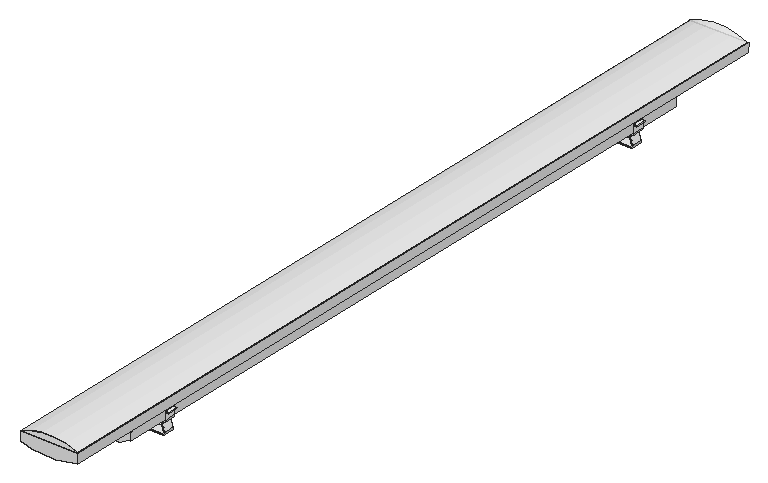
Revit family "Lighting-Industrial-GEWISS-SMART[3]PLUS-WATERTIGHT-LED_OPAL_1600mm", category Apparecchi per illuminazione, host Superficie, Revit 2019
Family settings
  Host = Superficie
  Quota connettore circolare = Usa diametro
  Tipo di parte = Normale
  Numero OmniClass = 23.80.70.11
  Titolo OmniClass = Luminaries for Internal Lighting
  Taglio con vuoti quando caricato = No
  Sorgente d'illuminazione = Sì
  Condiviso = No
  Punto di calcolo locali = No
Parameters (values of type "GWS3323AP957 - SMART3 PLUS 1600 T.W.DALI HE OPAL 9 57")
  Working temperature = "-25 +50 °C"
  Weight (kg): = ""
  Wattage = 27 W
  Warranty = "5 years"
  Voltage = "220-240 V "
  Version file RFA = "20.0"
  Variazione temperatura colore lampada con luminosità attenuata = (empty or 0)
  URL = "https://www.gewiss.com/ww/en"
  Typology = "DALI"
  Type of light source = "LED - Not replaceable"
  built-in parameter 1150107 = 5700 (stored number, unit not read)
  Technical sheet = "https://www.gewiss.com/ww/en/search?q=GWS3323AP957"
  System power = "50 W"
  Struttura = GEWISS - SMART 3 - GRIGIO
  Stampa 1_200 = no
  Stampa 1_100 = not(Stampa 1_200)  # yes
  Spostamento_Y_etichetta [instance] = 0 mm
  Spostamento_Y_effettivo_etichetta [instance] = 1500 mm - Spostamento_Y_etichetta  # 1500 mm
  Spostamento_X_etichetta [instance] = 0 mm
  Spostamento_X_effettivo_etichetta [instance] = 1500 mm - Spostamento_X_etichetta  # 1500 mm
  Shock resistance = "IK08"
  Shield type = "Opal"
  Schermo. = Gewiss - Led Acceso
  SEO = "Ceiling"
  Realized by GEWISS S.p.A. = ""
  Default Elevation = 1219.2 mm
  Produttore = "GEWISS S.p.A."
  built-in parameter 1150110 = 1 (stored number, unit not read)
  built-in parameter 1150109 = 1 (stored number, unit not read)
  built-in parameter 1114218 = 1 (stored number, unit not read)
  built-in parameter 1150112 = 1 (stored number, unit not read)
  Operating temperature: = "-25 +50 °C"
  Nominal flux (lm) = ""
  No. LED (#) = ""
  Modello = "GWS3323AP957"
  built-in parameter 1150137 = (empty or 0)
  built-in parameter 1150132 = (empty or 0)
  Lunghezza Lampada = 1600 mm  # constant formula
  Lumen output (lm) = "5200"
  Length = "1600 mm"
  Lampada = "LED"
  Lamp = "LED"
  LED LifeTime (L80B20) = ""
  LED Life time (L80B50) = ""
  LED Life time (L70) = ""
  LED Life Time (L90B50) = ""
  built-in parameter 1150105 = 1406.7 (stored number, unit not read)
  built-in parameter 1150102 = (empty or 0)
  Insulation class = "II"
  Immagine tipo = GWS3158P.jpg
  built-in parameter 1150106 = 14.067 (stored number, unit not read)
  IP degree = "IP66/IP69"
  IFC.TypeObject = ""
  IFC.ExportType = ""
  IFC.ExportAs = ""
  IDT = "f3b315df-984e-4987-af5e-9bbae24bcc71"
  IDF = "d43b749e-d51c-4486-a841-a5dba1efd512"
  Glow Wire Test = "850°C"
  Ganci = GEWISS  - ALLUMINIO
  Lumens = 4010.63 lm
  Color Filter = 16777215
  File diagramma fotometrico = "GWS3323AP957.IES"
  built-in parameter 1114217 = 1 (stored number, unit not read)
  built-in parameter 1150139 = (empty or 0)
  Failure rate apparecchio (50.000h, Tq=25Â° C) = ""
  Failure rate apparecchio (35.000h, Tq=35Â° C) = ""
  Emetti da lunghezza linea = 700 mm
  Electrocod = "2434"
  Efficiency class of integrated LEDs = "A ÷ A++"
  built-in parameter 1150104 = 13.8 (stored number, unit not read)
  EAN code = ""
  Driver type = ""
  built-in parameter 1150115 = 1 (stored number, unit not read)
  built-in parameter 1150114 = 1 (stored number, unit not read)
  built-in parameter 1150113 = 1 (stored number, unit not read)
  Device with reduced surface temperature = ""
  Descrizione = "SMART3 PLUS 1600 T.W.DALI HE OPAL 9 57"
  Commenti sul wattaggio = "55W"
  Colour temperature: = "5700 K (CRI > 90)"
  Colour temperature = "5700 K (CRI > 90)"
  built-in parameter 1150134 = (empty or 0)
  built-in parameter 1150138 = (empty or 0)
  Catalogue Range = "SMART[3] PLUS"
  Catalogue = "LIGHTING"
  Carico apparente = 55 VA
  COBie.Tagnumber = ""
  COBie.CreatedOn = ""
  COBie.CreatebBy = ""
  COBie.ComponentRegisterItemID = ""
  COBie.Component.TagNumber = ""
  COBie.Component.Space = ""
  COBie.Component.SerialNumber = ""
  COBie.Component.InstallationDate = ""
  COBie.Component.Description = ""
  COBie.Component.BarCode = ""
  Application = "Indoor"
  Tilt Angle = -90.00°
  built-in parameter 1150133 = 10 (stored number, unit not read)
Types (25, lengths in mm): name | Typology | Technical sheet | System power | Modello | Lumen output (lm) | IDT | File diagramma fotometrico | Emetti da lunghezza linea | Descrizione | Commenti sul wattaggio | Colour temperature: | Colour temperature | Carico apparente
  (no name) | "DALI" | "https://www.gewiss.com/ww/en/search?q=GWS3323AP957" | "50 W" | "GWS3323AP957" | "5200" | "f3b315df-984e-4987-af5e-9bbae24bcc71" | "GWS3323AP957.IES" | 700 | "SMART3 PLUS 1600 T.W.DALI HE OPAL 9 57" | "55W" | "5700 K (CRI > 90)" | "5700 K (CRI > 90)" | 55 VA
  GWS3320AP830 - SMART3 PLUS 1600 ON/OFF HE OPAL 8 30 | "" | "https://www.gewiss.com/ww/en/search?q=GWS3320AP830" | "46 W" | "GWS3320AP830" | "6300" | "515fde6e-ce71-4c7a-91f6-c5be3f9ca9d5" | "GWS3320AP830.IES" | 1200 | "SMART3 PLUS 1600 ON/OFF HE OPAL 8 30" | "26W" | "3000 K (CRI > 80)" | "3000 K (CRI > 80)" | 26 VA
  GWS3320AP840 - SMART3 PLUS 1600 ON/OFF HE OPAL 8 40 | "" | "https://www.gewiss.com/ww/en/search?q=GWS3320AP840" | "46 W" | "GWS3320AP840" | "6600" | "797e91c8-3a4b-4c06-b222-0b282fb851e9" | "GWS3320AP840.IES" | 1200 | "SMART3 PLUS 1600 ON/OFF HE OPAL 8 40" | "26W" | "4000 K (CRI > 80)" | "4000 K (CRI > 80)" | 26 VA
  GWS3320AP857 - SMART3 PLUS 1600 ON/OFF HE OPAL 8 57 | "" | "https://www.gewiss.com/ww/en/search?q=GWS3320AP857" | "46 W" | "GWS3320AP857" | "6600" | "0a0ffe2c-1254-4136-9b95-b2acb0a2e411" | "GWS3320AP857.IES" | 1200 | "SMART3 PLUS 1600 ON/OFF HE OPAL 8 57" | "26W" | "5700 K (CRI > 80)" | "5700 K (CRI > 80)" | 26 VA
  GWS3322AP830 - SMART3 PLUS 1600 T.W.ON/OFF HE OPAL 8 30 | "" | "https://www.gewiss.com/ww/en/search?q=GWS3322AP830" | "46 W" | "GWS3322AP830" | "6300" | "92aadfc1-b61c-49fc-a0ea-d4cdaabb7691" | "GWS3322AP830.IES" | 1200 | "SMART3 PLUS 1600 T.W.ON/OFF HE OPAL 8 30" | "53W" | "3000 K (CRI > 80)" | "3000 K (CRI > 80)" | 53 VA
  GWS3322AP840 - SMART3 PLUS 1600 T.W.ON/OFF HE OPAL 8 40 | "" | "https://www.gewiss.com/ww/en/search?q=GWS3322AP840" | "46 W" | "GWS3322AP840" | "6600" | "7aacec16-f4ae-4223-b666-c52a3b0e40df" | "GWS3322AP840.IES" | 700 | "SMART3 PLUS 1600 T.W.ON/OFF HE OPAL 8 40" | "53W" | "4000 K (CRI > 80)" | "4000 K (CRI > 80)" | 53 VA
  GWS3322AP857 - SMART3 PLUS 1600 T.W.ON/OFF HE OPAL 8 57 | "" | "https://www.gewiss.com/ww/en/search?q=GWS3322AP857" | "46 W" | "GWS3322AP857" | "6600" | "9843d6fd-373c-45e5-b8ac-f8d282aa33ab" | "GWS3322AP857.IES" | 700 | "SMART3 PLUS 1600 T.W.ON/OFF HE OPAL 8 57" | "53W" | "5700 K (CRI > 80)" | "5700 K (CRI > 80)" | 53 VA
  GWS3320AP930 - SMART3 PLUS 1600 ON/OFF HE OPAL 9 30 | "" | "https://www.gewiss.com/ww/en/search?q=GWS3320AP930" | "46 W" | "GWS3320AP930" | "4900" | "a13f2a2f-86fe-4556-8509-1ebfeb2cb915" | "GWS3320AP930.IES" | 1200 | "SMART3 PLUS 1600 ON/OFF HE OPAL 9 30" | "27W" | "3000 K (CRI > 90)" | "3000 K (CRI > 90)" | 27 VA
  GWS3320AP940 - SMART3 PLUS 1600 ON/OFF HE OPAL 9 40 | "" | "https://www.gewiss.com/ww/en/search?q=GWS3320AP940" | "46 W" | "GWS3320AP940" | "5200" | "fc3d66e1-5ae5-4f7d-bdd5-cb36aae6c31e" | "GWS3320AP940.IES" | 1200 | "SMART3 PLUS 1600 ON/OFF HE OPAL 9 40" | "27W" | "4000 K (CRI > 90)" | "4000 K (CRI > 90)" | 27 VA
  GWS3320AP957 - SMART3 PLUS 1600 ON/OFF HE OPAL 9 57 | "" | "https://www.gewiss.com/ww/en/search?q=GWS3320AP957" | "46 W" | "GWS3320AP957" | "5200" | "e411e7a8-d38e-4265-9c8c-6dda89df10b2" | "GWS3320AP957.IES" | 1200 | "SMART3 PLUS 1600 ON/OFF HE OPAL 9 57" | "27W" | "5700 K (CRI > 90)" | "5700 K (CRI > 90)" | 27 VA
  GWS3322AP930 - SMART3 PLUS 1600 T.W.ON/OFF HE OPAL 9 30 | "" | "https://www.gewiss.com/ww/en/search?q=GWS3322AP930" | "46 W" | "GWS3322AP930" | "4900" | "15600029-dedd-4b75-95d2-bc6cfc52e84f" | "GWS3322AP930.IES" | 700 | "SMART3 PLUS 1600 T.W.ON/OFF HE OPAL 9 30" | "55W" | "3000 K (CRI > 90)" | "3000 K (CRI > 90)" | 55 VA
  GWS3322AP940 - SMART3 PLUS 1600 T.W.ON/OFF HE OPAL 9 40 | "" | "https://www.gewiss.com/ww/en/search?q=GWS3322AP940" | "46 W" | "GWS3322AP940" | "5200" | "44b2879f-8794-44e4-9c2a-98b4b0b09008" | "GWS3322AP940.IES" | 700 | "SMART3 PLUS 1600 T.W.ON/OFF HE OPAL 9 40" | "55W" | "4000 K (CRI > 90)" | "4000 K (CRI > 90)" | 55 VA
  GWS3322AP957 - SMART3 PLUS 1600 T.W.ON/OFF HE OPAL 9 57 | "" | "https://www.gewiss.com/ww/en/search?q=GWS3322AP957" | "46 W" | "GWS3322AP957" | "5200" | "353f52fa-4ab1-4785-ab32-4e23da494718" | "GWS3322AP957.IES" | 700 | "SMART3 PLUS 1600 T.W.ON/OFF HE OPAL 9 57" | "55W" | "5700 K (CRI > 90)" | "5700 K (CRI > 90)" | 55 VA
  GWS3321AP830 - SMART3 PLUS 1600 DALI HE OPAL 8 30 | "DALI" | "https://www.gewiss.com/ww/en/search?q=GWS3321AP830" | "50 W" | "GWS3321AP830" | "6300" | "ef6f7481-d774-40a2-a56c-e33a03783f43" | "GWS3321AP830.IES" | 1200 | "SMART3 PLUS 1600 DALI HE OPAL 8 30" | "26W" | "3000 K (CRI > 80)" | "3000 K (CRI > 80)" | 26 VA
  GWS3321AP840 - SMART3 PLUS 1600 DALI HE OPAL 8 40 | "DALI" | "https://www.gewiss.com/ww/en/search?q=GWS3321AP840" | "50 W" | "GWS3321AP840" | "6600" | "9f3a0474-7c34-4774-9075-3f2db5512430" | "GWS3321AP840.IES" | 1200 | "SMART3 PLUS 1600 DALI HE OPAL 8 40" | "26W" | "4000 K (CRI > 80)" | "4000 K (CRI > 80)" | 26 VA
  GWS3321AP857 - SMART3 PLUS 1600 DALI HE OPAL 8 57 | "DALI" | "https://www.gewiss.com/ww/en/search?q=GWS3321AP857" | "50 W" | "GWS3321AP857" | "6600" | "049705d3-c297-44cc-989b-4f6d2b3fb677" | "GWS3321AP857.IES" | 1200 | "SMART3 PLUS 1600 DALI HE OPAL 8 57" | "26W" | "5700 K (CRI > 80)" | "5700 K (CRI > 80)" | 26 VA
  GWS3321AP930 - SMART3 PLUS 1600 DALI HE OPAL 9 30 | "DALI" | "https://www.gewiss.com/ww/en/search?q=GWS3321AP930" | "50 W" | "GWS3321AP930" | "4900" | "b4f69512-f660-4b69-9fcc-3def4f9a0271" | "GWS3321AP930.IES" | 1200 | "SMART3 PLUS 1600 DALI HE OPAL 9 30" | "27W" | "3000 K (CRI > 90)" | "3000 K (CRI > 90)" | 27 VA
  GWS3321AP940 - SMART3 PLUS 1600 DALI HE OPAL 9 40 | "DALI" | "https://www.gewiss.com/ww/en/search?q=GWS3321AP940" | "50 W" | "GWS3321AP940" | "5200" | "4d149631-94ff-4b55-a399-3355b63ff907" | "GWS3321AP940.IES" | 1200 | "SMART3 PLUS 1600 DALI HE OPAL 9 40" | "27W" | "4000 K (CRI > 90)" | "4000 K (CRI > 90)" | 27 VA
  GWS3321AP957 - SMART3 PLUS 1600 DALI HE OPAL 9 57 | "DALI" | "https://www.gewiss.com/ww/en/search?q=GWS3321AP957" | "50 W" | "GWS3321AP957" | "5200" | "95bc40bc-d7b1-4835-bb40-aca982529566" | "GWS3321AP957.IES" | 700 | "SMART3 PLUS 1600 DALI HE OPAL 9 57" | "27W" | "5700 K (CRI > 90)" | "5700 K (CRI > 90)" | 27 VA
  GWS3323AP830 - SMART3 PLUS 1600 T.W.DALI HE OPAL 8 30 | "DALI" | "https://www.gewiss.com/ww/en/search?q=GWS3323AP830" | "50 W" | "GWS3323AP830" | "6300" | "c88e39d8-7d84-4df5-9696-6fd327196441" | "GWS3323AP830.IES" | 700 | "SMART3 PLUS 1600 T.W.DALI HE OPAL 8 30" | "53W" | "3000 K (CRI > 80)" | "3000 K (CRI > 80)" | 53 VA
  GWS3323AP840 - SMART3 PLUS 1600 T.W.DALI HE OPAL 8 40 | "DALI" | "https://www.gewiss.com/ww/en/search?q=GWS3323AP840" | "50 W" | "GWS3323AP840" | "6600" | "6d9ebd1f-e085-4998-931b-503e14e2501b" | "GWS3323AP840.IES" | 700 | "SMART3 PLUS 1600 T.W.DALI HE OPAL 8 40" | "53W" | "4000 K (CRI > 80)" | "4000 K (CRI > 80)" | 53 VA
  GWS3323AP857 - SMART3 PLUS 1600 T.W.DALI HE OPAL 8 57 | "DALI" | "https://www.gewiss.com/ww/en/search?q=GWS3323AP857" | "50 W" | "GWS3323AP857" | "6600" | "2b5a79a2-e691-42d0-aae8-023fd03ea346" | "GWS3323AP857.IES" | 700 | "SMART3 PLUS 1600 T.W.DALI HE OPAL 8 57" | "53W" | "5700 K (CRI > 80)" | "5700 K (CRI > 80)" | 53 VA
  GWS3323AP930 - SMART3 PLUS 1600 T.W.DALI HE OPAL 9 30 | "DALI" | "https://www.gewiss.com/ww/en/search?q=GWS3323AP930" | "50 W" | "GWS3323AP930" | "4900" | "cba77e63-a48a-4cd6-ac5a-4de7abffce10" | "GWS3323AP930.IES" | 700 | "SMART3 PLUS 1600 T.W.DALI HE OPAL 9 30" | "55W" | "3000 K (CRI > 90)" | "3000 K (CRI > 90)" | 55 VA
  GWS3323AP940 - SMART3 PLUS 1600 T.W.DALI HE OPAL 9 40 | "DALI" | "https://www.gewiss.com/ww/en/search?q=GWS3323AP940" | "50 W" | "GWS3323AP940" | "5200" | "53ccc7fe-7c5b-4623-a89f-0c189ed12751" | "GWS3323AP940.IES" | 700 | "SMART3 PLUS 1600 T.W.DALI HE OPAL 9 40" | "55W" | "4000 K (CRI > 90)" | "4000 K (CRI > 90)" | 55 VA
  GWS3323AP957 - SMART3 PLUS 1600 T.W.DALI HE OPAL 9 57 | "DALI" | "https://www.gewiss.com/ww/en/search?q=GWS3323AP957" | "50 W" | "GWS3323AP957" | "5200" | "f3b315df-984e-4987-af5e-9bbae24bcc71" | "GWS3323AP957.IES" | 700 | "SMART3 PLUS 1600 T.W.DALI HE OPAL 9 57" | "55W" | "5700 K (CRI > 90)" | "5700 K (CRI > 90)" | 55 VA
Values of the unnamed type that differ from the named types
  Variazione temperatura colore lampada con luminosità attenuata = <Nessuno>
Reference planes
  plane 1 "Centro (Fronte/Retro)": y = 0
  plane 2: z = 0
  plane 3 "Centro (Sinistra/Destra)": x = 0
  plane 4: x = -1500
  plane 5: y = -1500
  plane 6: x = 0
  plane 7: y = 0
Forms (mm)
  Extrusion 1, solid, material "GEWISS  - ALLUMINIO" <- "Ganci", detail levels medium+fine
    sketch origin (0, 0, 0) x (1, 0, 0) y (0, 0, 1)
      loop
        arc (31.431, -0.002) -> (34.576, 1.589) -> (35.156, 5.066) r 3.903
        line (35.156, 5.066) -> (29.612, 23.211)
        arc (29.612, 23.211) -> (29.883, 24.381) -> (31.032, 24.73) r 1.2
        line (31.032, 24.73) -> (34.307, 23.974)
        arc (34.307, 23.974) -> (36.765, 24.53) -> (37.859, 26.8) r 2.9
        line (37.859, 26.8) -> (37.859, 38.8)
        arc (37.859, 38.8) -> (37.648, 39.694) -> (37.059, 40.4) r 2
        line (37.059, 40.4) -> (37.059, 42.71) -> (42.861, 40.598) -> (43.203, 41.538) -> (37.53, 43.603)
        arc (37.53, 43.603) -> (37.019, 43.613) -> (36.605, 43.311) r 0.8
        line (36.605, 43.311) -> (36.306, 26.139)
        arc (36.306, 26.139) -> (35.6, 25.444) -> (34.616, 25.34) r 1.5
        line (34.616, 25.34) -> (31.344, 26.095)
        arc (31.344, 26.095) -> (28.858, 25.335) -> (28.273, 22.802) r 2.6
        line (28.273, 22.802) -> (33.827, 4.636)
        arc (33.827, 4.636) -> (33.449, 2.415) -> (31.438, 1.4) r 2.5
        line (31.438, 1.4) -> (-31.437, 1.4)
        arc (-31.437, 1.4) -> (-33.449, 2.415) -> (-33.827, 4.636) r 2.5
        line (-33.827, 4.636) -> (-28.273, 22.802)
        arc (-28.273, 22.802) -> (-28.858, 25.335) -> (-31.344, 26.095) r 2.6
        line (-31.344, 26.095) -> (-34.616, 25.34)
        arc (-34.616, 25.34) -> (-35.6, 25.444) -> (-36.306, 26.139) r 1.5
        line (-36.306, 26.139) -> (-36.605, 43.311)
        arc (-36.605, 43.311) -> (-37.019, 43.613) -> (-37.53, 43.603) r 0.8
        line (-37.53, 43.603) -> (-43.203, 41.538) -> (-42.861, 40.598) -> (-37.059, 42.71) -> (-37.059, 40.4)
        arc (-37.059, 40.4) -> (-37.648, 39.694) -> (-37.859, 38.8) r 2
        line (-37.859, 38.8) -> (-37.859, 26.8)
        arc (-37.859, 26.8) -> (-36.765, 24.53) -> (-34.307, 23.974) r 2.9
        line (-34.307, 23.974) -> (-31.032, 24.73)
        arc (-31.032, 24.73) -> (-29.883, 24.381) -> (-29.612, 23.211) r 1.2
        line (-29.612, 23.211) -> (-35.156, 5.066)
        arc (-35.156, 5.066) -> (-34.576, 1.589) -> (-31.431, -0.002) r 3.903
        line (-31.431, -0.002) -> (31.431, -0.002)
    from 548.766 to 568.766
  Extrusion 2, solid, material "GEWISS  - ALLUMINIO" <- "Ganci", detail levels medium+fine
    sketch origin (0, 0, 0) x (1, 0, 0) y (0, 0, -1)
      loop
        line (31.431, 0.002) -> (-31.431, 0.002)
        arc (-31.431, 0.002) -> (-34.576, -1.589) -> (-35.156, -5.066) r 3.903
        line (-35.156, -5.066) -> (-29.612, -23.211)
        arc (-29.612, -23.211) -> (-29.883, -24.381) -> (-31.032, -24.73) r 1.2
        line (-31.032, -24.73) -> (-34.307, -23.974)
        arc (-34.307, -23.974) -> (-36.765, -24.53) -> (-37.859, -26.8) r 2.9
        line (-37.859, -26.8) -> (-37.859, -38.8)
        arc (-37.859, -38.8) -> (-37.648, -39.694) -> (-37.059, -40.4) r 2
        line (-37.059, -40.4) -> (-37.059, -42.71) -> (-42.861, -40.598) -> (-43.203, -41.538) -> (-37.53, -43.603)
        arc (-37.53, -43.603) -> (-37.019, -43.613) -> (-36.605, -43.311) r 0.8
        line (-36.605, -43.311) -> (-36.306, -26.139)
        arc (-36.306, -26.139) -> (-35.6, -25.444) -> (-34.616, -25.34) r 1.5
        line (-34.616, -25.34) -> (-31.344, -26.095)
        arc (-31.344, -26.095) -> (-28.858, -25.335) -> (-28.273, -22.802) r 2.6
        line (-28.273, -22.802) -> (-33.827, -4.636)
        arc (-33.827, -4.636) -> (-33.449, -2.415) -> (-31.437, -1.4) r 2.5
        line (-31.437, -1.4) -> (31.438, -1.4)
        arc (31.438, -1.4) -> (33.449, -2.415) -> (33.827, -4.636) r 2.5
        line (33.827, -4.636) -> (28.273, -22.802)
        arc (28.273, -22.802) -> (28.858, -25.335) -> (31.344, -26.095) r 2.6
        line (31.344, -26.095) -> (34.616, -25.34)
        arc (34.616, -25.34) -> (35.6, -25.444) -> (36.306, -26.139) r 1.5
        line (36.306, -26.139) -> (36.605, -43.311)
        arc (36.605, -43.311) -> (37.019, -43.613) -> (37.53, -43.603) r 0.8
        line (37.53, -43.603) -> (43.203, -41.538) -> (42.861, -40.598) -> (37.059, -42.71) -> (37.059, -40.4)
        arc (37.059, -40.4) -> (37.648, -39.694) -> (37.859, -38.8) r 2
        line (37.859, -38.8) -> (37.859, -26.8)
        arc (37.859, -26.8) -> (36.765, -24.53) -> (34.307, -23.974) r 2.9
        line (34.307, -23.974) -> (31.032, -24.73)
        arc (31.032, -24.73) -> (29.883, -24.381) -> (29.612, -23.211) r 1.2
        line (29.612, -23.211) -> (35.156, -5.066)
        arc (35.156, -5.066) -> (34.576, -1.589) -> (31.431, 0.002) r 3.903
    from 548.766 to 568.766
  Extrusion 3, solid, material "GEWISS - SMART 3 - GRIGIO" <- "Struttura", detail levels medium+fine
    sketch origin (0, 0, 0) x (1, 0, 0) y (0, 0, 1)
      loop
        line (-36.331, 55.757) -> (-35.847, 28.018)
        arc (-35.847, 28.018) -> (-33.139, 27.27) -> (-30.416, 26.58) r 129.5
        arc (-30.416, 26.58) -> (-28.066, 25.76) -> (-25.915, 24.506) r 13
        arc (-25.915, 24.506) -> (-24.23, 23.324) -> (-22.521, 22.178) r 99.5
        arc (-22.521, 22.178) -> (-16.401, 19.063) -> (-9.748, 17.365) r 31.146
        line (-9.748, 17.365) -> (12.491, 17.365)
        arc (12.491, 17.365) -> (17.822, 19.098) -> (22.764, 21.745) r 31.646
        arc (22.764, 21.745) -> (24.509, 22.915) -> (26.228, 24.122) r 100
        arc (26.228, 24.122) -> (28.283, 25.313) -> (30.525, 26.095) r 12.5
        arc (30.525, 26.095) -> (33.437, 26.834) -> (36.332, 27.64) r 130
        line (36.332, 27.64) -> (36.824, 55.851)
        arc (36.824, 55.851) -> (24.914, 53.937) -> (12.909, 52.764) r 195.047
        line (12.909, 52.764) -> (-12.909, 52.764)
        arc (-12.909, 52.764) -> (-24.665, 53.905) -> (-36.331, 55.757) r 195.047
    from -650 to 650
  Extrusion 4, solid, material "GEWISS - SMART 3 - GRIGIO" <- "Struttura", detail levels medium+fine
    sketch origin (0, 0, 0) x (1, 0, 0) y (0, 0, 1)
      loop
        line (54.725, 60.184) -> (55.177, 77.445) -> (-55.177, 77.445) -> (-54.725, 60.184)
        arc (-54.725, 60.184) -> (-34.019, 55.332) -> (-12.909, 52.764) r 195.047
        line (-12.909, 52.764) -> (12.909, 52.764)
        arc (12.909, 52.764) -> (34.019, 55.332) -> (54.725, 60.184) r 195.047
    from -800 to 800
  Extrusion 5, solid, material "Gewiss - Led Acceso" <- "Schermo.", detail levels medium+fine
    sketch origin (0, 0, 0) x (1, 0, 0) y (0, 0, 1)
      loop
        arc (54.697, 78.441) -> (-0.014, 90.457) -> (-54.723, 78.429) r 130.5
        arc (-54.723, 78.429) -> (-54.988, 77.838) -> (-54.5, 77.445) r 0.5
        line (-54.5, 77.445) -> (54.479, 77.445)
        arc (54.479, 77.445) -> (54.988, 77.855) -> (54.697, 78.441) r 0.522
    from -800 to 800
  Extrusion 6, solid, material "GEWISS - SMART 3 - GRIGIO" <- "Struttura", detail levels coarse
    sketch origin (0, 0, 0) x (1, 0, 0) y (0, 0, 1)
      loop
        line (-54.5, 90.439) -> (-54.5, 0) -> (54.5, 0) -> (54.5, 90.439) -> (-54.5, 90.439)
    from -800 to 800
Lines and regions (mm)
  Masking region 1
    outline origin (0, 0, 0) x (1, 0, 0) y (0, 1, 0)
      loop
        line (-55.177, 800) -> (-55.177, -800) -> (55.177, -800) -> (55.177, 800) -> (-55.177, 800)
  symbolic lines, style "GEWISS - LIGHT 2D"
    curve 1: line (0, 528.766, 0) -> (0, -511.234, 0)
Dimensions and locks
  plane 4 to plane 3 "Centro (Sinistra/Destra)" = 1500 mm
  "Spostamento_X_effettivo_etichetta": plane 4 to plane 6
  "Spostamento_Y_effettivo_etichetta": plane 7 to plane 5
  plane 1 "Centro (Fronte/Retro)" to plane 5 = 1500 mm
  aligned and locked: plane 2 to host face
  aligned and locked: level to host face
  aligned and locked: Masking region 1 sketch curve to Extrusion 4  (x4)
  aligned and locked: plane 6 to nested 1
  aligned and locked: nested 1 to plane 7
  aligned and locked: curve 1 to plane 3 "Centro (Sinistra/Destra)"
Automatic sketch dimensions
  host sketch curve to host sketch curve = 2438.4 mm  (x2)
  Extrusion 1 sketch curve to Extrusion 1 sketch curve = 0 mm  (x28)
  Extrusion 1 sketch curve to plane 3 "Centro (Sinistra/Destra)" = 43.203 mm
  level to Extrusion 1 sketch curve = 40.598 mm
  Extrusion 1 sketch curve to Extrusion 1 sketch curve = 0.342 mm  (x2)
  Extrusion 1 sketch curve to Extrusion 1 sketch curve = 5.002 mm  (x2)
  Extrusion 1 sketch curve to Extrusion 1 sketch curve = 0.329 mm
  Extrusion 1 sketch curve to Extrusion 1 sketch curve = 0.271 mm  (x2)
  Extrusion 1 sketch curve to Extrusion 1 sketch curve = 0.8 mm  (x2)
  Extrusion 1 sketch curve to Extrusion 1 sketch curve = 0.454 mm  (x2)
  Extrusion 1 sketch curve to Extrusion 1 sketch curve = 1.554 mm
  Extrusion 1 sketch curve to Extrusion 1 sketch curve = 2 mm
  level to Extrusion 1 sketch curve = 5.066 mm  (x2)
  Extrusion 1 sketch curve to Extrusion 1 sketch curve = 1.15 mm
  Extrusion 1 sketch curve to Extrusion 1 sketch curve = 1.346 mm  (x2)
  Extrusion 1 sketch curve to Extrusion 1 sketch curve = 0.343 mm  (x2)
  level to Extrusion 1 sketch curve = 4.636 mm  (x2)
  Extrusion 1 sketch curve to Extrusion 1 sketch curve = 1.329 mm  (x2)
  level to Extrusion 1 sketch curve = 1.4 mm
  Extrusion 1 sketch curve to Extrusion 1 sketch curve = 2.389 mm  (x2)
  Extrusion 1 sketch curve to Extrusion 1 sketch curve = 0.007 mm  (x2)
  Extrusion 1 sketch curve to Extrusion 1 sketch curve = 3.584 mm  (x2)
  Extrusion 1 sketch curve to Extrusion 1 sketch curve = 0.273 mm  (x2)
  plane 3 "Centro (Sinistra/Destra)" to Extrusion 1 sketch curve = 30.759 mm
  Extrusion 1 sketch curve to level = 0.002 mm
  Extrusion 1 sketch curve to Extrusion 1 sketch curve = 0.672 mm
  Extrusion 1 sketch curve to Extrusion 1 sketch curve = 0.9 mm
  level to Extrusion 1 sketch curve = 26.139 mm
  Extrusion 1 sketch curve to Extrusion 1 sketch curve = 0.746 mm
  Extrusion 1 sketch curve to Extrusion 1 sketch curve = 0.2 mm
  Extrusion 1 sketch curve to Extrusion 1 sketch curve = 2.577 mm
  Extrusion 1 sketch curve to Extrusion 1 sketch curve = 18.496 mm
  Extrusion 1 sketch curve to Extrusion 1 sketch curve = 1.169 mm  (x2)
  Extrusion 1 sketch curve to Extrusion 1 sketch curve = 0.799 mm  (x2)
  Extrusion 1 sketch curve to Extrusion 1 sketch curve = 0.609 mm
  Extrusion 1 sketch curve to Extrusion 1 sketch curve = 1.798 mm  (x2)
  Extrusion 1 sketch curve to Extrusion 1 sketch curve = 12 mm
  Extrusion 1 sketch curve to Extrusion 1 sketch curve = 0.94 mm  (x2)
  Extrusion 1 sketch curve to Extrusion 1 sketch curve = 0.14 mm  (x2)
  Extrusion 1 sketch curve to Extrusion 1 sketch curve = 0.309 mm  (x2)
  Extrusion 1 sketch curve to Extrusion 1 sketch curve = 0.312 mm  (x2)
  Extrusion 1 sketch curve to Extrusion 1 sketch curve = 1.148 mm  (x2)
  Extrusion 1 sketch curve to Extrusion 1 sketch curve = 1.339 mm
  Extrusion 1 sketch curve to Extrusion 1 sketch curve = 2.486 mm
  Extrusion 1 sketch curve to Extrusion 1 sketch curve = 0.409 mm  (x2)
  Extrusion 2 sketch curve to Extrusion 2 sketch curve = 0 mm  (x28)
  Extrusion 2 sketch curve to plane 3 "Centro (Sinistra/Destra)" = 43.203 mm
  level to Extrusion 2 sketch curve = 40.598 mm
  Extrusion 2 sketch curve to Extrusion 2 sketch curve = 0.342 mm  (x2)
  Extrusion 2 sketch curve to Extrusion 2 sketch curve = 5.002 mm  (x2)
  Extrusion 2 sketch curve to Extrusion 2 sketch curve = 0.329 mm
  Extrusion 2 sketch curve to Extrusion 2 sketch curve = 0.271 mm  (x2)
  Extrusion 2 sketch curve to Extrusion 2 sketch curve = 0.8 mm  (x2)
  Extrusion 2 sketch curve to Extrusion 2 sketch curve = 0.454 mm  (x2)
  Extrusion 2 sketch curve to Extrusion 2 sketch curve = 1.554 mm
  Extrusion 2 sketch curve to Extrusion 2 sketch curve = 2 mm
  level to Extrusion 2 sketch curve = 5.066 mm  (x2)
  Extrusion 2 sketch curve to Extrusion 2 sketch curve = 1.15 mm
  Extrusion 2 sketch curve to Extrusion 2 sketch curve = 1.346 mm  (x2)
  Extrusion 2 sketch curve to Extrusion 2 sketch curve = 0.343 mm  (x2)
  level to Extrusion 2 sketch curve = 4.636 mm  (x2)
  Extrusion 2 sketch curve to Extrusion 2 sketch curve = 1.329 mm  (x2)
  level to Extrusion 2 sketch curve = 1.4 mm
  Extrusion 2 sketch curve to Extrusion 2 sketch curve = 2.389 mm  (x2)
  Extrusion 2 sketch curve to Extrusion 2 sketch curve = 0.007 mm  (x2)
  Extrusion 2 sketch curve to Extrusion 2 sketch curve = 3.584 mm  (x2)
  Extrusion 2 sketch curve to Extrusion 2 sketch curve = 0.273 mm  (x2)
  plane 3 "Centro (Sinistra/Destra)" to Extrusion 2 sketch curve = 30.759 mm
  Extrusion 2 sketch curve to level = 0.002 mm
  Extrusion 2 sketch curve to Extrusion 2 sketch curve = 0.672 mm
  Extrusion 2 sketch curve to Extrusion 2 sketch curve = 0.9 mm
  level to Extrusion 2 sketch curve = 26.139 mm
  Extrusion 2 sketch curve to Extrusion 2 sketch curve = 0.746 mm
  Extrusion 2 sketch curve to Extrusion 2 sketch curve = 0.2 mm
  Extrusion 2 sketch curve to Extrusion 2 sketch curve = 14.46 mm
  Extrusion 2 sketch curve to Extrusion 2 sketch curve = 0.94 mm  (x2)
  Extrusion 2 sketch curve to Extrusion 2 sketch curve = 0.14 mm  (x2)
  Extrusion 2 sketch curve to Extrusion 2 sketch curve = 2.31 mm  (x2)
  Extrusion 2 sketch curve to Extrusion 2 sketch curve = 12 mm
  Extrusion 2 sketch curve to Extrusion 2 sketch curve = 0.661 mm  (x2)
  Extrusion 2 sketch curve to Extrusion 2 sketch curve = 0.609 mm  (x2)
  Extrusion 2 sketch curve to Extrusion 2 sketch curve = 1.169 mm  (x2)
  Extrusion 2 sketch curve to Extrusion 2 sketch curve = 0.309 mm  (x2)
  Extrusion 2 sketch curve to Extrusion 2 sketch curve = 0.312 mm  (x2)
  Extrusion 2 sketch curve to Extrusion 2 sketch curve = 1.148 mm  (x2)
  Extrusion 2 sketch curve to Extrusion 2 sketch curve = 1.339 mm
  Extrusion 2 sketch curve to Extrusion 2 sketch curve = 2.486 mm
  Extrusion 2 sketch curve to Extrusion 2 sketch curve = 1.365 mm  (x2)
  Extrusion 3 sketch curve to plane 3 "Centro (Sinistra/Destra)" = 36.331 mm
  Extrusion 3 sketch curve to Extrusion 3 sketch curve = 0.484 mm
  Extrusion 3 sketch curve to Extrusion 3 sketch curve = 2.34 mm
  Extrusion 3 sketch curve to plane 3 "Centro (Sinistra/Destra)" = 32.068 mm
  Extrusion 3 sketch curve to plane 3 "Centro (Sinistra/Destra)" = 12.909 mm
  Extrusion 3 sketch curve to plane 3 "Centro (Sinistra/Destra)" = 9.748 mm
  Extrusion 3 sketch curve to plane 3 "Centro (Sinistra/Destra)" = 5.421 mm
  Extrusion 3 sketch curve to plane 3 "Centro (Sinistra/Destra)" = 0.057 mm
  Extrusion 3 sketch curve to plane 3 "Centro (Sinistra/Destra)" = 0.007 mm
  Extrusion 3 sketch curve to plane 3 "Centro (Sinistra/Destra)" = 0.001 mm
  plane 3 "Centro (Sinistra/Destra)" to Extrusion 3 sketch curve = 0.057 mm
  plane 3 "Centro (Sinistra/Destra)" to Extrusion 3 sketch curve = 5.412 mm
  plane 3 "Centro (Sinistra/Destra)" to Extrusion 3 sketch curve = 12.491 mm
  Extrusion 3 sketch curve to Extrusion 3 sketch curve = 7.496 mm
  plane 3 "Centro (Sinistra/Destra)" to Extrusion 3 sketch curve = 32.059 mm
  Extrusion 3 sketch curve to Extrusion 3 sketch curve = 21.008 mm
  Extrusion 3 sketch curve to Extrusion 3 sketch curve = 2.833 mm
  Extrusion 3 sketch curve to Extrusion 3 sketch curve = 23.916 mm
  level to Extrusion 3 sketch curve = 13.953 mm  (x2)
  level to Extrusion 3 sketch curve = 17.365 mm  (x2)
  Extrusion 3 sketch curve to Extrusion 3 sketch curve = 13.687 mm
  Extrusion 3 sketch curve to Extrusion 3 sketch curve = 14.064 mm
  Extrusion 3 sketch curve to Extrusion 3 sketch curve = 30.844 mm
  Extrusion 3 sketch curve to Extrusion 3 sketch curve = 0 mm  (x3)
  Extrusion 3 sketch curve to Extrusion 3 sketch curve = 4.555 mm
  Extrusion 3 sketch curve to Extrusion 3 sketch curve = 2.993 mm
  Extrusion 3 sketch curve to Extrusion 3 sketch curve = 3.087 mm
  Extrusion 3 sketch curve to Extrusion 3 sketch curve = 49.52 mm
  Extrusion 3 sketch curve to Extrusion 3 sketch curve = 49.615 mm
  Extrusion 3 sketch curve to Extrusion 3 sketch curve = 47.089 mm
  Extrusion 3 sketch curve to Extrusion 3 sketch curve = 5.431 mm
  Extrusion 3 sketch curve to Extrusion 3 sketch curve = 4.5 mm
  Extrusion 3 sketch curve to Extrusion 3 sketch curve = 10.273 mm
  Extrusion 3 sketch curve to Extrusion 3 sketch curve = 3.465 mm
  Extrusion 3 sketch curve to Extrusion 3 sketch curve = 4.297 mm
  Extrusion 4 sketch curve to plane 3 "Centro (Sinistra/Destra)" = 55.177 mm
  Extrusion 4 sketch curve to Extrusion 4 sketch curve = 0.452 mm  (x2)
  Extrusion 4 sketch curve to plane 3 "Centro (Sinistra/Destra)" = 12.909 mm
  Extrusion 4 sketch curve to plane 3 "Centro (Sinistra/Destra)" = 0.057 mm
  plane 3 "Centro (Sinistra/Destra)" to Extrusion 4 sketch curve = 0.057 mm
  plane 3 "Centro (Sinistra/Destra)" to Extrusion 4 sketch curve = 12.909 mm
  Extrusion 4 sketch curve to Extrusion 4 sketch curve = 41.816 mm
  level to Extrusion 4 sketch curve = 52.764 mm
  Extrusion 4 sketch curve to Extrusion 4 sketch curve = 7.42 mm  (x2)
  Extrusion 4 sketch curve to Extrusion 4 sketch curve = 17.262 mm
  Extrusion 5 sketch curve to plane 3 "Centro (Sinistra/Destra)" = 0 mm
  Extrusion 5 sketch curve to plane 3 "Centro (Sinistra/Destra)" = 54.5 mm
  plane 3 "Centro (Sinistra/Destra)" to Extrusion 5 sketch curve = 54.479 mm
  Extrusion 5 sketch curve to level = 40.043 mm
  level to Extrusion 5 sketch curve = 77.445 mm
  Extrusion 5 sketch curve to Extrusion 5 sketch curve = 0.5 mm
  Extrusion 5 sketch curve to Extrusion 5 sketch curve = 0.522 mm
  Extrusion 5 sketch curve to Extrusion 5 sketch curve = 0.21 mm
  Extrusion 5 sketch curve to Extrusion 5 sketch curve = 0.014 mm
  Extrusion 5 sketch curve to Extrusion 5 sketch curve = 0 mm
  Extrusion 6 sketch curve to level = 0 mm
  Extrusion 6 sketch curve to plane 3 "Centro (Sinistra/Destra)" = 54.5 mm
  plane 3 "Centro (Sinistra/Destra)" to Extrusion 6 sketch curve = 54.5 mm
  Extrusion 6 sketch curve to Extrusion 6 sketch curve = 90.439 mm
  plane 1 "Centro (Fronte/Retro)" to curve 1 = 511.234 mm
  curve 1 to plane 1 "Centro (Fronte/Retro)" = 528.766 mm
Nested families
  nested 1: "ETICHETTA WATTAGGIO" at (0, 0, 0), type "ETICHETTA WATTAGGIO"
Connectors
  electrical at (0, 0, 0), driven by "Carico apparente"
    settings: on Masking region 1, index 1, voltage 230 V, apparent load 0 VA, apparent load phase1 55 VA, apparent load phase2 0 VA, apparent load phase3 0 VA, power factor 1, load classification "Illuminazione", number of poles 2, system type 31, power factor state 1, is connector primary yes, connector utility no, sub classification motor no, connector description ""
Definition of nested family "ETICHETTA WATTAGGIO"
  Parameters (values of type "ETICHETTA WATTAGGIO")
    GW - Potenza di sistema = ""
    GW - Numero LED = ""
    COMMENTI = "13W"
    1_200 = no
    1_100 = yes
  Reference planes
    plane 1: y = 0
    plane 2: x = 0
  Text (mm)
    label "GW - Potenza di sistema\nGW - Numero LED LED" at (-0.057, -0.214, 0), shows "GW - Potenza di sistema", "GW - Numero LED", visible <- "1_100"
    label "GW - Potenza di sistema\nGW - Numero LED LED " at (-0.057, -0.214, 0), shows "GW - Potenza di sistema", "GW - Numero LED", visible <- "1_200"
